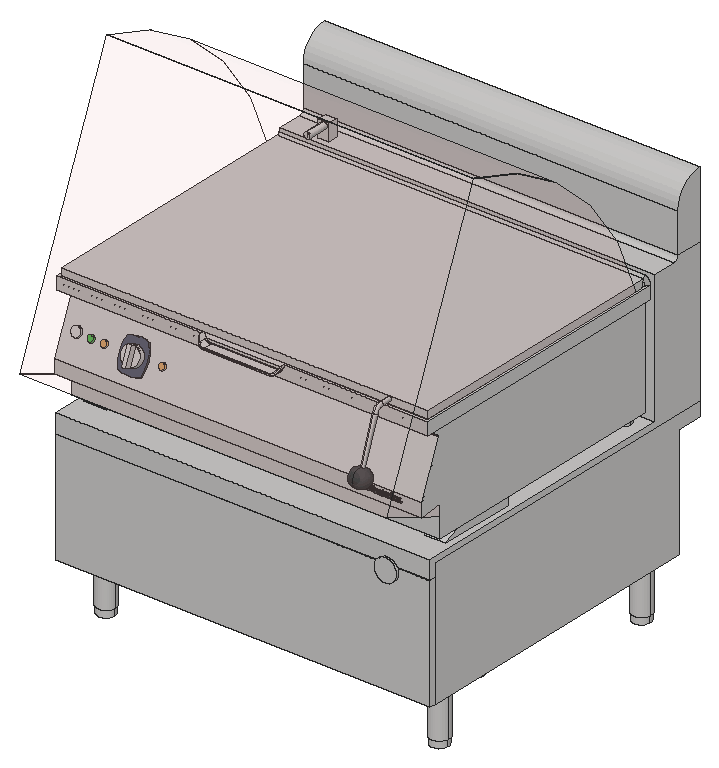
Revit family "QF_ELECTROLUXPROFESSIONAL_391428_E9PPCSBAMGD", category Specialty Equipment, Revit 2018
Family settings
  Round Connector Dimension = Use Diameter
  Part Type = Normal
  Work Plane-Based = No
  Always vertical = Yes
  Cut with Voids When Loaded = No
  Shared = No
  Room Calculation Point = No
Parameters (values of type "Standard")
  Weight = 180.00 kg
  Watts = 0 W
  Volts = 220 V
  URL Manufacturer = "http://professional.electrolux.com"
  URL = "http://professional.electrolux.com"
  Steam Supply Size = 0"
  Steam Supply Minimum Pressure = 0.00 psi
  Steam Supply Maximum Pressure = 0.00 psi
  Steam Pounds per Hour = 0
  Show Logo [instance] = yes
  Show Clearance [instance] = yes
  Refrigeration Suction Line Size = 0"
  Refrigeration Liquid Line Size = 0"
  Refrigerant Compressor Remote = yes
  Phase = 1
  Model = "E9PPCSBAMGD"
  Manufacturer = "Electrolux Professional"
  Length Actual = 1000 mm  # constant formula
  Item Number = "391428"
  Hot Water Size = 0"
  Height Actual = 850 mm  # constant formula
  HP = "0.1 HP"
  Gas Size = 1/2"
  Gas KW = 27
  Gas Input Pressure = 0.903445 Btu/h
  Direct Waste Size = 0"
  Description = "100LT GAS BRATT PAN DUOMAT BOTTOM AUT (AUS)"
  Depth Actual = 930 mm  # constant formula
  Cycle = 50 Hz
  Condensate Return Size = 0"
  Compressed Air Volume = 0 GPM
  Compressed Air Size = 0"
  Compressed Air Pressure = 0.00 psi
  Cold Water Size = 3/4"
  Assembly Code = ""
  Accessory = yes
Values of the unnamed type that differ from the named types
  Volts = 0 V
  URL Manufacturer = ""
  Item Number = ""
  Gas KW = 0
  Gas Input Pressure = 0.0 Btu/h
  Cycle = 0 Hz
Reference planes
  plane 1 "BACK": y = 0
  plane 2: z = 0
  plane 3 "LEFT": x = 0
  plane 4 "RIGHT": x = 1000
  plane 5 "FRONT": y = -915
  plane 6 "TOP": z = 898
  plane 7 "Center Y": x = 500
  plane 8 "Center X": y = -457.5
  plane 9 "Base": z = 149
  plane 10: z = 502.193
  plane 11: z = 1653
  plane 12: y = -125
  plane 13: y = -799
  plane 14: x = 55
  plane 15: y = -160.853
  plane 16: x = 945
  plane 17: y = -1014
  plane 18: y = -899.182
  plane 19: x = 986
  plane 20: z = 850
  plane 21 "Connection": z = 182
  plane 22: y = -706
  plane 23: x = 265
  plane 24: x = 105
  plane 25: x = 195
  plane 26: z = 1045
Forms (mm)
  Revolve 1, solid, material "QF_Finishes_Stainless Steel"
    sketch origin (0, -125, 0) x (1, 0, 0) y (0, 0, 1)
      loop
        line (55, 0) -> (55, 149) -> (29.6, 149) -> (29.6, 19.05) -> (32.1, 19.05) -> (32.1, 0) -> (55, 0)
      axis (55, 0) -> (55, 149)
    angle from 0 to 360
  Revolve 2, solid, material "QF_Finishes_Stainless Steel"
    sketch origin (0, -799, 0) x (1, 0, 0) y (0, 0, 1)
      loop
        line (55, 0) -> (55, 149) -> (29.6, 149) -> (29.6, 19.05) -> (32.1, 19.05) -> (32.1, 0) -> (55, 0)
      axis (55, 0) -> (55, 149)
    angle from 0 to 360
  Extrusion 3, solid, material "QF_Finishes_Stainless Steel"
    sketch origin (0, -214.682, 0) x (0, 1, 0) y (0, 0, 1)
      loop
        line (214.682, 487.193) -> (214.682, 866.248) -> (143.055, 866.248)
        arc (143.055, 866.248) -> (139.432, 857.502) -> (130.686, 853.88) r 12.368
        line (130.686, 853.88) -> (64.682, 853.88) -> (64.682, 502.193) -> (-684.5, 502.193) -> (-684.5, 452.193) -> (-669.5, 452.193) -> (-669.5, 487.193) -> (214.682, 487.193)
      loop
        line (-669.5, 149) -> (-669.5, 451.193) -> (-684.5, 451.193) -> (-684.5, 149) -> (-669.5, 149)
    from 0 to 1000
  Extrusion 4, solid, material "QF_Finishes_Stainless Steel"
    sketch origin (0, -214.682, 0) x (0, 1, 0) y (0, 0, 1)
      loop
        line (44.029, 528.406) -> (44.029, 817.127) -> (-678.5, 817.127) -> (-678.5, 809.681) -> (-643.264, 774.446) -> (-700.318, 641.094) -> (-700.318, 606.094) -> (-640.765, 613.406) -> (-640.765, 528.406) -> (44.029, 528.406)
    from 10 to 990
  Sweep 5, solid, material "QF_Finishes_Stainless Steel"
    path origin (0, -204.882, 145) x (-1, 0, 0) y (0, -1, 0)
      loop
        line (-389.998, 694.3) -> (-5, 694.3) -> (-5, -44.029) -> (-995, -44.029) -> (-995, 694.3) -> (-610.002, 694.3)
    profile origin (802.501, -899.182, 145) x (0, -1, 0) y (0, 0, 1)
      loop
        line (-5, 651.359) -> (0, 651.359) -> (0, 685.301) -> (-6, 685.301) -> (-6, 681.062) -> (-5, 681.062) -> (-5, 651.359)
  Extrusion 6, solid, material "QF_Finishes_Stainless Steel"
    sketch origin (0, -214.682, -5) x (0, 1, 0) y (0, 0, 1)
      loop
        line (33.715, 835.301) -> (42.572, 855) -> (-677.138, 855) -> (-677.138, 835.301) -> (33.715, 835.301)
      loop
        arc (64.305, 837.022) -> (57.071, 850.749) -> (45.92, 861.539) r 49.182
        line (45.92, 861.539) -> (39.069, 846.301) -> (45.904, 846.301) -> (45.904, 832.604) -> (64.305, 814.204) -> (64.305, 837.022)
    from 12.363 to 987.637
  Extrusion 7, solid, material "QF_Finishes_Stainless Steel"
    sketch origin (0, -214.682, 0) x (0, 1, 0) y (0, 0, 1)
      loop
        line (-403.818, 528.406) -> (-556.057, 528.406) -> (-609.801, 502.193) -> (-403.818, 502.193) -> (-403.818, 528.406)
    from 16.63 to 76.513
  Extrusion 8, solid, material "QF_Finishes_Stainless Steel"
    sketch origin (0, -207.182, 150) x (-1, 0, 0) y (0, -1, 0)
      loop
        circle (-953.429, -17.496) r 15
      loop
        circle (-46.571, -17.496) r 15
    from 352.193 to 378.406
  Extrusion 9, solid, material "QF_Finishes_Stainless Steel"
    sketch origin (0, -64.682, 0) x (0, 1, 0) y (0, 0, 1)
      loop
        line (-43.387, 853.88) -> (-43.387, 898) -> (-67.444, 898) -> (-67.444, 853.88) -> (-43.387, 853.88)
    from 87.469 to 116.843
  Revolve 10, solid, material "QF_Finishes_Stainless Steel"
    sketch origin (103.25, -64.682, 0) x (0, 1, 0) y (0, 0, 1)
      loop
        line (-67.444, 888.097) -> (-67.444, 896.222) -> (-123.629, 896.222) -> (-123.629, 888.097) -> (-67.444, 888.097)
      axis (-123.629, 888.097) -> (-67.444, 888.097)
    angle from 0 to 360
  Extrusion 11, solid, material "QF_Finishes_Stainless Steel"
    sketch origin (1000, 0, 0) x (0, 1, 0) y (0, 0, 1)
      loop
        line (-884.182, 149) -> (-69, 149) -> (-69, 448) -> (0, 448) -> (0, 487.193) -> (-884.182, 487.193) -> (-884.182, 149)
    from 0 to -1000
  Revolve 12, solid, material "QF_Finishes_Stainless Steel"
    sketch origin (1000, -125, 0) x (-1, 0, 0) y (0, 0, -1)
      loop
        line (55, 0) -> (32.1, 0) -> (32.1, -19.05) -> (29.6, -19.05) -> (29.6, -149) -> (55, -149) -> (55, 0)
      axis (55, 0) -> (55, -149)
    angle from 0 to 360
  Revolve 13, solid, material "QF_Finishes_Stainless Steel"
    sketch origin (1000, -799, 0) x (-1, 0, 0) y (0, 0, -1)
      loop
        line (55, 0) -> (32.1, 0) -> (32.1, -19.05) -> (29.6, -19.05) -> (29.6, -149) -> (55, -149) -> (55, 0)
      axis (55, 0) -> (55, -149)
    angle from 0 to 360
  Extrusion 14, solid, material "QF_Finishes_Stainless Steel"
    sketch origin (1000, -69, 149) x (-1, 0, 0) y (0, 1, 0)
      loop
        circle (14, -649.182) r 12.7
    from 0 to 5
  Extrusion 15, solid, material "QF_Finishes_Stainless Steel"
    sketch origin (-3.75, -899.182, 149) x (0, 0, 1) y (-1, 0, 0)
      loop
        circle (289.443, -888.75) r 30
    from 0 to 5
  Extrusion 16, solid, material "QF_Finishes_Stainless Steel"
    sketch origin (0, 0, 182) x (-1, 0, 0) y (0, -1, 0)
      loop
        circle (-105, 706) r 6.35
    from 0 to 45
  Extrusion 17, solid, material "QF_Finishes_Stainless Steel"
    sketch origin (21.213, 21.213, 182) x (-1, 0, 0) y (0, -1, 0)
      loop
        circle (-173.787, 719.213) r 6.35
    from 0 to 45
  Extrusion 18, solid, material "QF_Finishes_Stainless Steel"
    sketch origin (130, 0, 182) x (-1, 0, 0) y (0, -1, 0)
      loop
        circle (-135, 706) r 6.35
    from 0 to 45
  Extrusion 19, solid, material "QF_Finishes_Orange"
    sketch origin (9.372, -901.482, 672.689) x (0, 0.393353, 0.919387) y (-1, 0, 0)
      loop
        circle (34.513, -113.251) r 8
    from 0 to 3.175
  Extrusion 20, solid, material "QF_Finishes_Green"
    sketch origin (14.068, -901.51, 672.624) x (0, 0.393353, 0.919387) y (-1, 0, 0)
      loop
        circle (34.513, -73.251) r 8
    from 0 to 3.175
  Extrusion 21, solid, material "QF_Finishes_Stainless Steel"
    sketch origin (-159.296, -918.156, 641.79) x (0, 0.393353, 0.919387) y (-1, 0, 0)
      loop
        circle (68.826, -362.213) r 25.4
    from 0 to 12.7
  Extrusion 22, solid, material "QF_Finishes_Stainless Steel"
    sketch origin (-159.296, -929.832, 646.786) x (0, 0.393353, 0.919387) y (-1, 0, 0)
      loop
        arc (93.558, -367.999) -> (94.226, -362.213) -> (93.558, -356.427) r 25.4
        line (93.558, -356.427) -> (44.094, -356.427)
        arc (44.094, -356.427) -> (43.426, -362.213) -> (44.094, -367.999) r 25.4
        line (44.094, -367.999) -> (93.558, -367.999)
    from 0 to 12.7
  Extrusion 23, solid, material "QF_Finishes_Stainless Steel"
    sketch origin (-189.063, -915, 641.094) x (0, 0.393353, 0.919387) y (-1, 0, 0)
      loop
        circle (71.473, -236.635) r 12.7
    from 0 to 3.2
  Extrusion 24, solid, material "QF_Finishes_Orange"
    sketch origin (164.372, -901.482, 672.689) x (0, 0.393353, 0.919387) y (-1, 0, 0)
      loop
        circle (34.513, -113.251) r 8
    from 0 to 3.175
  Extrusion 25, solid, material "QF_Finishes_Stainless Steel"
    sketch origin (50, -201.682, -15.905) x (1, 0, 0) y (0, 0, 1)
      loop
        line (361.528, 822.127) -> (538.476, 822.127)
        arc (538.476, 822.127) -> (548.276, 824.753) -> (555.45, 831.927) r 19.6
        line (555.45, 831.927) -> (559.998, 839.805) -> (559.998, 846.205) -> (552.678, 833.527)
        arc (552.678, 833.527) -> (546.676, 827.524) -> (538.476, 825.327) r 16.4
        line (538.476, 825.327) -> (361.528, 825.327)
        arc (361.528, 825.327) -> (353.322, 827.526) -> (347.314, 833.534) r 16.413
        line (347.314, 833.534) -> (339.998, 846.205) -> (339.998, 839.805) -> (344.543, 831.934)
        arc (344.543, 831.934) -> (351.722, 824.755) -> (361.528, 822.127) r 19.613
    from 697.5 to 717.595
  Extrusion 26, void
    sketch origin (950, 188.397, 1219.2) x (0, -1, 0) y (0, 0, 1)
      loop
        line (1110.167, -415.736) -> (1110.167, -387.945) -> (1093.05, -387.945) -> (1110.167, -415.736)
    from 290.004 to 610
  Extrusion 27, solid, material "QF_Finishes_Stainless Steel"
    sketch origin (1000, -214.682, 0) x (0, 1, 0) y (0, 0, -1)
      loop
        line (-403.818, -528.406) -> (-403.818, -502.193) -> (-609.801, -502.193) -> (-556.057, -528.406) -> (-403.818, -528.406)
    from 16.63 to 76.513
  Sweep 28, solid, material "QF_Finishes_Stainless Steel"
    path origin (208.879, -214.682, -10) x (0, 1, 0) y (0, 0, 1)
      loop
        line (-677.138, 852.831) -> (-705.492, 852.831)
        arc (-705.492, 852.831) -> (-716.963, 849.214) -> (-724.286, 839.672) r 20
        line (-724.286, 839.672) -> (-765.322, 726.924)
    profile origin (208.879, -905.997, 842.831) x (0, 0, -1) y (1, 0, 0)
      loop
        circle (0, 676.16) r 5
  Revolve 29, solid, material "QF_Finishes_Black"
    sketch origin (884.991, -194.682, 0) x (0, 1, 0) y (0, 0, 1)
      loop
        line (-785.322, 716.924) -> (-792.738, 719.623)
        arc (-792.738, 719.623) -> (-818.978, 701.075) -> (-800.713, 674.638) r 22.845
        line (-800.713, 674.638) -> (-785.322, 716.924)
      axis (-785.322, 716.924) -> (-800.713, 674.638)
    angle from 0 to 360
  Extrusion 30, solid, material "QF_Clearances", visible <- "Show Clearance", detail levels coarse
    sketch origin (200, -996.643, 709.193) x (0, 0.238373, -0.971174) y (0, 0.971174, 0.238373)
      loop
        line (33.715, 835.301) -> (42.572, 855) -> (-677.138, 855) -> (-677.138, 835.301) -> (33.715, 835.301)
      loop
        arc (64.305, 837.022) -> (57.071, 850.749) -> (45.92, 861.539) r 49.182
        line (45.92, 861.539) -> (39.069, 846.301) -> (45.904, 846.301) -> (45.904, 832.604) -> (64.305, 814.204) -> (64.305, 837.022)
    from -187.637 to 787.637
  Sweep 31, solid, material "QF_Clearances", visible <- "Show Clearance", detail levels coarse
    path origin (208.84, -1001.499, 708.002) x (0, 0.238373, -0.971174) y (0, 0.971174, 0.238373)
      loop
        line (-677.138, 852.831) -> (-705.492, 852.831)
        arc (-705.492, 852.831) -> (-716.963, 849.214) -> (-724.286, 839.672) r 20
        line (-724.286, 839.672) -> (-765.322, 726.924)
    profile origin (208.84, -338.043, 1582.68) x (0, -0.971174, -0.238373) y (1, 0, 0)
      loop
        circle (0, 676.16) r 5
  Revolve 32, solid, material "QF_Clearances", visible <- "Show Clearance", detail levels coarse
    sketch origin (885, -987.02, 690.962) x (0, 0.238373, -0.971174) y (0, 0.971174, 0.238373)
      loop
        line (-785.322, 716.924) -> (-792.738, 719.623)
        arc (-792.738, 719.623) -> (-818.978, 701.075) -> (-800.713, 674.638) r 22.845
        line (-800.713, 674.638) -> (-785.322, 716.924)
      axis (-785.322, 716.924) -> (-800.713, 674.638)
    angle from 0 to 360
  Extrusion 33, solid, material "QF_Finishes_Navy Blue"
    sketch origin (-55.546, -1052.067, 320.727) x (0, 0.393353, 0.919387) y (-1, 0, 0)
      loop
        arc (453.989, -230.321) -> (416.907, -221.34) -> (379.375, -228.202) r 91.844
        arc (379.375, -228.202) -> (372.249, -258.844) -> (379.375, -289.487) r 69.441
        arc (379.375, -289.487) -> (416.897, -296.198) -> (453.989, -287.419) r 93.759
        arc (453.989, -287.419) -> (460.218, -258.87) -> (453.989, -230.321) r 68.543
    from 0 to 3.175
  Extrusion 34, solid, material "QF_Finishes_Navy Blue", visible <- "Show Logo"
    sketch origin (681.175, -915, 608.853) x (0, 0, 1) y (-1, 0, 0)
      loop
        line (27.359, -159.055) -> (14.993, -159.055)
        arc (14.993, -159.055) -> (21.176, -163.626) -> (27.359, -159.055) r 6.467
      loop
        arc (27.359, -158.426) -> (26.19, -153.283) -> (21.534, -150.805) r 6.338
        line (21.534, -150.805) -> (21.534, -152.851)
        arc (21.534, -152.851) -> (23.018, -156.506) -> (26.464, -158.426) r 5.941
        line (26.464, -158.426) -> (27.359, -158.426)
      loop
        arc (15.888, -158.426) -> (19.334, -156.506) -> (20.817, -152.851) r 5.941
        line (20.817, -152.851) -> (20.817, -150.805)
        arc (20.817, -150.805) -> (16.123, -153.279) -> (14.834, -158.426) r 6.504
        line (14.834, -158.426) -> (15.888, -158.426)
      loop
        line (28.034, -150.336) -> (14.29, -150.336) -> (14.29, -164.099) -> (28.034, -164.099) -> (28.034, -150.336)
      loop
        arc (28.118, -167.066) -> (27.77, -166.709) -> (27.403, -167.047) r 0.358
        arc (27.403, -167.047) -> (27.089, -167.797) -> (26.372, -168.182) r 1.216
        line (26.372, -168.182) -> (15.959, -168.182)
        arc (15.959, -168.182) -> (15.299, -167.904) -> (14.903, -167.308) r 1.238
        arc (14.903, -167.308) -> (14.509, -167.057) -> (14.203, -167.411) r 0.358
        line (14.203, -167.411) -> (14.203, -177.29) -> (16.954, -177.29) -> (16.954, -176.393)
        arc (16.954, -176.393) -> (16.045, -175.813) -> (15.589, -174.836) r 1.928
        line (15.589, -174.836) -> (15.589, -172.337)
        arc (15.589, -172.337) -> (15.865, -171.608) -> (16.553, -171.244) r 1.101
        line (16.553, -171.244) -> (20.64, -171.244) -> (20.64, -174.917)
        arc (20.64, -174.917) -> (20.287, -175.414) -> (19.722, -175.642) r 1.083
        arc (19.722, -175.642) -> (19.459, -175.948) -> (19.751, -176.226) r 0.292
        line (19.751, -176.226) -> (22.713, -176.226)
        arc (22.713, -176.226) -> (23.016, -175.953) -> (22.777, -175.623) r 0.305
        arc (22.777, -175.623) -> (22.286, -175.375) -> (21.981, -174.917) r 1.083
        line (21.981, -174.917) -> (21.981, -171.244) -> (26.659, -171.244) -> (26.659, -174.991)
        arc (26.659, -174.991) -> (26.444, -175.747) -> (25.838, -176.245) r 1.314
        arc (25.838, -176.245) -> (25.619, -176.649) -> (25.973, -176.941) r 0.361
        line (25.973, -176.941) -> (28.118, -176.941) -> (28.118, -167.066)
      loop
        arc (27.4, -177.722) -> (27.02, -178.641) -> (26.101, -179.021) r 1.299
        line (26.101, -179.021) -> (16.522, -179.021)
        arc (16.522, -179.021) -> (15.684, -178.643) -> (15.413, -177.765) r 1.118
        line (15.413, -177.765) -> (14.203, -177.765) -> (14.203, -183.115) -> (15.391, -183.115)
        arc (15.391, -183.115) -> (15.663, -182.198) -> (16.533, -181.802) r 1.153
        line (16.533, -181.802) -> (28.605, -181.802) -> (27.4, -177.722)
      loop
        line (19.168, -185.751) -> (19.168, -192.198) -> (19.967, -192.198)
        arc (19.967, -192.198) -> (22.547, -191.214) -> (23.816, -188.76) r 3.874
        line (23.816, -188.76) -> (23.816, -187)
        arc (23.816, -187) -> (22.629, -184.135) -> (19.765, -182.949) r 4.051
        line (19.765, -182.949) -> (17.757, -182.949)
        arc (17.757, -182.949) -> (14.938, -184.434) -> (13.887, -187.441) r 4.352
        arc (13.887, -187.441) -> (14.251, -189.904) -> (15.629, -191.978) r 5.713
        line (15.629, -191.978) -> (16.578, -191.978)
        arc (16.578, -191.978) -> (15.845, -190.409) -> (15.629, -188.691) r 5.579
        arc (15.629, -188.691) -> (16.422, -186.728) -> (18.301, -185.751) r 3.057
        line (18.301, -185.751) -> (19.168, -185.751)
      loop
        line (20.427, -185.751) -> (20.427, -189.333)
        arc (20.427, -189.333) -> (21.884, -189.38) -> (22.767, -188.221) r 1.59
        line (22.767, -188.221) -> (22.767, -187.391)
        arc (22.767, -187.391) -> (21.902, -186.136) -> (20.427, -185.751) r 2.184
      loop
        arc (23.218, -201.616) -> (23.707, -199.942) -> (23.864, -198.205) r 9.023
        line (23.864, -198.205) -> (23.864, -196.843)
        arc (23.864, -196.843) -> (22.705, -194.043) -> (19.905, -192.883) r 3.959
        line (19.905, -192.883) -> (17.305, -192.883)
        arc (17.305, -192.883) -> (15.023, -194.176) -> (13.906, -196.549) r 4.331
        line (13.906, -196.549) -> (13.906, -198.684)
        arc (13.906, -198.684) -> (14.414, -200.234) -> (15.336, -201.58) r 5.772
        arc (15.336, -201.58) -> (16.098, -201.631) -> (16.184, -200.872) r 0.553
        arc (16.184, -200.872) -> (15.796, -200.138) -> (15.662, -199.319) r 2.573
        line (15.662, -199.319) -> (15.662, -197.804)
        arc (15.662, -197.804) -> (16.668, -196.162) -> (18.483, -195.52) r 2.884
        line (18.483, -195.52) -> (19.762, -195.52)
        arc (19.762, -195.52) -> (21.583, -196.08) -> (22.509, -197.745) r 2.554
        line (22.509, -197.745) -> (22.509, -198.798)
        arc (22.509, -198.798) -> (22.178, -199.726) -> (21.521, -200.461) r 2.564
        arc (21.521, -200.461) -> (21.299, -201.178) -> (21.909, -201.616) r 0.643
        line (21.909, -201.616) -> (23.218, -201.616)
      loop
        line (22.2, -201.886) -> (22.2, -203.387) -> (16.152, -203.387)
        arc (16.152, -203.387) -> (14.564, -204.045) -> (13.906, -205.633) r 2.246
        line (13.906, -205.633) -> (13.906, -207.217)
        arc (13.906, -207.217) -> (14.22, -208.081) -> (14.72, -208.853) r 4.06
        arc (14.72, -208.853) -> (15.453, -208.986) -> (15.704, -208.285) r 0.576
        arc (15.704, -208.285) -> (15.598, -207.759) -> (15.662, -207.227) r 1.69
        arc (15.662, -207.227) -> (16.204, -206.439) -> (17.11, -206.136) r 1.506
        line (17.11, -206.136) -> (22.248, -206.136) -> (22.248, -208.533) -> (22.805, -209.089) -> (23.626, -209.089) -> (23.626, -206.23) -> (26.857, -206.23) -> (22.2, -201.886)
      loop
        line (14.124, -209.987) -> (14.124, -215.374) -> (15.234, -215.374)
        arc (15.234, -215.374) -> (15.627, -214.423) -> (16.578, -214.029) r 1.345
        line (16.578, -214.029) -> (20.195, -214.029)
        arc (20.195, -214.029) -> (20.959, -214.621) -> (21.249, -215.543) r 1.615
        line (21.249, -215.543) -> (21.249, -217.099) -> (23.805, -217.784) -> (23.805, -216.401) -> (21.862, -213.842) -> (23.742, -213.842) -> (23.458, -211.136)
        arc (23.458, -211.136) -> (23.018, -210.606) -> (22.359, -210.807) r 0.621
        arc (22.359, -210.807) -> (21.959, -211.149) -> (21.465, -211.332) r 1.501
        line (21.465, -211.332) -> (16.578, -211.332)
        arc (16.578, -211.332) -> (15.627, -210.938) -> (15.234, -209.987) r 1.345
        line (15.234, -209.987) -> (14.124, -209.987)
      loop
        line (20.225, -217.321) -> (17.533, -217.321)
        arc (17.533, -217.321) -> (15.088, -218.629) -> (13.954, -221.159) r 4.288
        arc (13.954, -221.159) -> (13.89, -222.54) -> (13.954, -223.92) r 15.022
        arc (13.954, -223.92) -> (15.088, -226.451) -> (17.533, -227.758) r 4.288
        line (17.533, -227.758) -> (20.225, -227.758)
        arc (20.225, -227.758) -> (22.671, -226.451) -> (23.805, -223.92) r 4.288
        arc (23.805, -223.92) -> (23.868, -222.54) -> (23.805, -221.159) r 15.022
        arc (23.805, -221.159) -> (22.671, -218.629) -> (20.225, -217.321) r 4.288
      loop
        line (20.43, -220.435) -> (17.328, -220.435)
        arc (17.328, -220.435) -> (15.171, -222.592) -> (17.328, -224.749) r 2.157
        line (17.328, -224.749) -> (20.43, -224.749)
        arc (20.43, -224.749) -> (22.587, -222.592) -> (20.43, -220.435) r 2.157
      loop
        arc (27.411, -227.616) -> (27.041, -228.51) -> (26.147, -228.881) r 1.264
        line (26.147, -228.881) -> (16.282, -228.881)
        arc (16.282, -228.881) -> (15.412, -228.484) -> (15.141, -227.568) r 1.153
        line (15.141, -227.568) -> (14.203, -227.568) -> (14.203, -232.676) -> (15.131, -232.676)
        arc (15.131, -232.676) -> (15.49, -231.904) -> (16.282, -231.589) r 1.153
        line (16.282, -231.589) -> (28.605, -231.589) -> (27.411, -227.616)
      loop
        arc (22.531, -232.213) -> (22.332, -233.278) -> (21.363, -233.76) r 1.215
        line (21.363, -233.76) -> (16.343, -233.76)
        arc (16.343, -233.76) -> (14.728, -234.407) -> (14.008, -235.99) r 2.338
        line (14.008, -235.99) -> (14.008, -237.505)
        arc (14.008, -237.505) -> (14.182, -238.509) -> (14.684, -239.395) r 2.979
        line (14.684, -239.395) -> (14.203, -241.192) -> (14.203, -242.88) -> (23.629, -242.88) -> (23.335, -238.677) -> (22.548, -238.677)
        arc (22.548, -238.677) -> (22.192, -239.513) -> (21.44, -240.022) r 1.605
        line (21.44, -240.022) -> (16.337, -240.022)
        arc (16.337, -240.022) -> (15.917, -239.085) -> (15.844, -238.061) r 2.94
        arc (15.844, -238.061) -> (16.405, -236.96) -> (17.558, -236.517) r 1.724
        line (17.558, -236.517) -> (23.755, -236.517) -> (22.531, -232.213)
      loop
        line (23.559, -243.734) -> (21.887, -245.78) -> (18.713, -248.086) -> (15.257, -244.974)
        arc (15.257, -244.974) -> (15.02, -244.58) -> (15.042, -244.121) r 0.789
        line (15.042, -244.121) -> (14.203, -244.121) -> (14.203, -247.666) -> (15.029, -247.666)
        arc (15.029, -247.666) -> (15.372, -247.304) -> (15.862, -247.396) r 0.52
        line (15.862, -247.396) -> (17.661, -248.867) -> (15.543, -250.242)
        arc (15.543, -250.242) -> (15.142, -249.932) -> (15.055, -249.433) r 0.7
        line (15.055, -249.433) -> (14.203, -249.433) -> (14.203, -255.36) -> (15.09, -255.36)
        arc (15.09, -255.36) -> (15.157, -254.701) -> (15.552, -254.17) r 1.247
        line (15.552, -254.17) -> (19.751, -250.889) -> (22.198, -252.942) -> (23.559, -254.684) -> (23.559, -250.96) -> (22.074, -251.383) -> (20.553, -250.106) -> (22.253, -248.916) -> (23.559, -249.692) -> (23.559, -243.734)
    from 0 to 1.644
  Extrusion 35, solid, material "QF_Finishes_Stainless Steel"
    sketch origin (390.002, -899.182, 830.301) x (-1, 0, 0) y (0, 0, -1)
      loop
        line (0.004, 33.941) -> (-220, 33.941) -> (-220, -0.006) -> (-212.677, 12.678)
        arc (-212.677, 12.678) -> (-206.674, 18.681) -> (-198.474, 20.878) r 16.4
        line (-198.474, 20.878) -> (-21.526, 20.878)
        arc (-21.526, 20.878) -> (-13.32, 18.679) -> (-7.312, 12.672) r 16.413
        line (-7.312, 12.672) -> (0.004, 0) -> (0.004, 33.941)
    from 0 to -6
  Extrusion 36, solid, material "QF_Finishes_Stainless Steel"
    sketch origin (0, -214.682, 0) x (0, -1, 0) y (0, 0, 1)
      loop
        line (-214.682, 866.248) -> (-143.055, 866.248) -> (-143.055, 973.372)
        arc (-143.055, 973.372) -> (-164.034, 1024.021) -> (-214.682, 1045) r 71.628
        line (-214.682, 1045) -> (-214.682, 866.248)
    from 0 to -1000
  Extrusion 37, solid, material "QF_Clearances", visible <- "Show Clearance"
    sketch origin (10, -214.682, 0) x (0, -1, 0) y (0, 0, 1)
      loop
        line (-44.029, 528.406) -> (520.318, 528.406) -> (815.357, 652.309) -> (527.148, 1338.595)
        arc (527.148, 1338.595) -> (87.53, 1042.09) -> (-44.029, 528.406) r 745.994
    from 0 to -980
Cuts and joins
  Extrusion 26 cuts Extrusion 25
  joined: Sweep 5, Extrusion 25, Extrusion 35
Lines and regions (mm)
  symbolic lines
    curve 1: line (10, -915, 149) -> (197.131, -915, 149)
    curve 2: line (0, -899.182, 149) -> (380.622, -899.182, 149)
    curve 3: line (5, -160.853, 149) -> (5, -899.182, 149)
    curve 4: line (0, 0, 149) -> (0, -899.182, 149)
    curve 5: line (1000, -899.182, 149) -> (1000, 0, 149)
    curve 6: line (5, -160.853, 149) -> (95.125, -160.853, 149)
    curve 7: line (989, -171.653, 149) -> (111.375, -171.653, 149)
    curve 8: line (0, -71.628, 149) -> (1000, -71.628, 149)
    curve 9: line (111.375, -160.853, 149) -> (995, -160.853, 149)
    curve 10: line (95.125, -172.111, 149) -> (12.363, -172.111, 149)
    curve 11: line (90.942, -172.111, 149) -> (90.942, -192.672, 149)
    curve 12: line (117.192, -171.653, 149) -> (117.192, -192.672, 149)
    curve 13: arc (90.942, -192.672, 149) -> (104.067, -205.797, 149) -> (117.192, -192.672, 149) r 13.125
    curve 14: line (604.543, -915, 149) -> (880, -915, 149)
    curve 15: line (12.363, -891.82, 149) -> (987.637, -891.82, 149)
    curve 16: line (0, 0, 149) -> (1000, 0, 149)
    curve 17: line (880, -980.005, 149) -> (880, -891.82, 149)
    curve 18: line (890, -980.005, 149) -> (890, -891.82, 149)
    curve 19: spline (885, -987.42, 149) -> (886.603, -987.265, 149) -> (888.14, -986.808, 149) -> (889.545, -986.066, 149) -> (890.761, -985.072, 149) -> (891.737, -983.866, 149) -> (892.431, -982.499, 149) -> (892.815, -981.028, 149) -> (892.874, -979.515, 149) -> (892.604, -978.022, 149) -> (892.016, -976.611, 149) -> (891.136, -975.342, 149) -> (890, -974.268, 149)
    curve 20: spline (890, -980.005, 149) -> (889.957, -980.618, 149) -> (889.83, -981.221, 149) -> (889.619, -981.803, 149) -> (889.33, -982.354, 149) -> (888.967, -982.865, 149) -> (888.536, -983.327, 149) -> (888.044, -983.732, 149) -> (887.5, -984.074, 149) -> (886.913, -984.345, 149) -> (886.294, -984.543, 149) -> (885.653, -984.663, 149) -> (885, -984.703, 149)
    curve 21: spline (885, -984.703, 149) -> (884.347, -984.663, 149) -> (883.706, -984.543, 149) -> (883.087, -984.345, 149) -> (882.5, -984.074, 149) -> (881.956, -983.732, 149) -> (881.464, -983.327, 149) -> (881.033, -982.865, 149) -> (880.67, -982.354, 149) -> (880.381, -981.803, 149) -> (880.17, -981.221, 149) -> (880.043, -980.618, 149) -> (880, -980.005, 149)
    curve 22: spline (880, -974.268, 149) -> (878.864, -975.342, 149) -> (877.984, -976.611, 149) -> (877.396, -978.022, 149) -> (877.126, -979.515, 149) -> (877.185, -981.028, 149) -> (877.569, -982.499, 149) -> (878.263, -983.866, 149) -> (879.239, -985.072, 149) -> (880.455, -986.066, 149) -> (881.86, -986.808, 149) -> (883.397, -987.265, 149) -> (885, -987.42, 149)
    curve 23: line (95.125, -188.311, 149) -> (111.375, -188.311, 149)
    curve 24: line (95.125, -132.127, 149) -> (95.125, -188.311, 149)
    curve 25: line (111.375, -188.311, 149) -> (111.375, -132.127, 149)
    curve 26: line (87.469, -132.127, 149) -> (116.843, -132.127, 149)
    curve 27: line (87.469, -108.069, 149) -> (87.469, -132.127, 149)
    curve 28: line (116.843, -108.069, 149) -> (87.469, -108.069, 149)
    curve 29: line (116.843, -132.127, 149) -> (116.843, -108.069, 149)
    curve 30: line (0, -150, 182) -> (95.125, -150, 182)
    curve 31: line (1000, -150, 182) -> (111.375, -150, 182)
    curve 32: line (12.363, -891.82, 149) -> (12.363, -172.111, 149)
    curve 33: line (987.637, -891.82, 149) -> (987.637, -171.653, 149)
    curve 34: line (990, -915, 182) -> (990, -899.182, 182)
    curve 35: line (10, -899.182, 182) -> (10, -915, 182)
    curve 36: line (995, -160.853, 149) -> (995, -899.182, 149)
    curve 37: line (197.131, -924.708, 149) -> (197.131, -899.182, 149)
    curve 38: line (208.703, -924.708, 149) -> (208.703, -899.182, 149)
    curve 39: line (197.131, -924.708, 149) -> (208.703, -924.708, 149)
    curve 40: line (197.131, -915.021, 149) -> (180.061, -915.021, 149)
    curve 41: line (197.131, -915.021, 149) -> (25.774, -915.021, 149)
    curve 42: spline (208.703, -912.487, 182) -> (212.151, -912.066, 182) -> (215.413, -911.457, 182) -> (218.422, -910.673, 182) -> (221.118, -909.728, 182) -> (223.446, -908.643, 182) -> (225.359, -907.438, 182) -> (226.819, -906.14, 182) -> (227.796, -904.772, 182) -> (228.27, -903.365, 182) -> (228.233, -901.945, 182) -> (227.683, -900.541, 182) -> (226.634, -899.182, 182)
    curve 43: spline (225.812, -907.085, 182) -> (226.505, -906.99, 182) -> (227.196, -906.892, 182) -> (227.884, -906.792, 182) -> (228.569, -906.688, 182) -> (229.251, -906.581, 182) -> (229.93, -906.472, 182) -> (230.606, -906.36, 182) -> (231.28, -906.245, 182) -> (231.95, -906.127, 182) -> (232.617, -906.007, 182) -> (233.28, -905.884, 182) -> (233.941, -905.758, 182)
    curve 44: spline (233.941, -905.758, 182) -> (234.472, -905.225, 182) -> (234.983, -904.689, 182) -> (235.472, -904.15, 182) -> (235.94, -903.608, 182) -> (236.386, -903.063, 182) -> (236.811, -902.515, 182) -> (237.215, -901.965, 182) -> (237.596, -901.413, 182) -> (237.956, -900.858, 182) -> (238.294, -900.302, 182) -> (238.609, -899.743, 182) -> (238.903, -899.182, 182)
    curve 45: spline (197.131, -912.487, 182) -> (193.683, -912.066, 182) -> (190.421, -911.457, 182) -> (187.412, -910.673, 182) -> (184.717, -909.728, 182) -> (182.389, -908.643, 182) -> (180.475, -907.438, 182) -> (179.015, -906.14, 182) -> (178.038, -904.772, 182) -> (177.564, -903.365, 182) -> (177.602, -901.945, 182) -> (178.151, -900.541, 182) -> (179.201, -899.182, 182)
    curve 46: spline (167.58, -899.182, 182) -> (167.88, -899.743, 182) -> (168.203, -900.303, 182) -> (168.549, -900.86, 182) -> (168.917, -901.415, 182) -> (169.307, -901.967, 182) -> (169.72, -902.517, 182) -> (170.154, -903.065, 182) -> (170.611, -903.61, 182) -> (171.09, -904.151, 182) -> (171.59, -904.69, 182) -> (172.112, -905.225, 182) -> (172.656, -905.758, 182)
    curve 47: spline (172.656, -905.758, 182) -> (173.244, -905.87, 182) -> (173.834, -905.98, 182) -> (174.427, -906.088, 182) -> (175.022, -906.194, 182) -> (175.62, -906.297, 182) -> (176.22, -906.398, 182) -> (176.823, -906.498, 182) -> (177.428, -906.594, 182) -> (178.036, -906.689, 182) -> (178.645, -906.781, 182) -> (179.257, -906.871, 182) -> (179.871, -906.959, 182)
    curve 48: line (208.703, -915, 149) -> (395.45, -915, 149)
    curve 49: line (619.371, -899.182, 149) -> (880, -899.182, 149)
    curve 50: line (890, -899.182, 149) -> (1000, -899.182, 149)
    curve 51: line (890, -915, 149) -> (990, -915, 149)
    curve 52: arc (880, -961.394, 182) -> (884.914, -1014.03, 182) -> (890, -961.41, 182) r 26.552
    curve 53: line (619.371, -899.182, 182) -> (605.448, -914.035, 182)
    curve 54: spline (605.442, -914.033, 182) -> (604.902, -914.595, 182) -> (604.301, -915.14, 182) -> (603.641, -915.666, 182) -> (602.924, -916.17, 182) -> (602.153, -916.653, 182) -> (601.331, -917.111, 182) -> (600.459, -917.544, 182) -> (599.542, -917.95, 182) -> (598.582, -918.327, 182) -> (597.581, -918.675, 182) -> (596.544, -918.992, 182) -> (595.475, -919.277, 182)
    curve 55: line (404.523, -919.277, 182) -> (595.475, -919.277, 182)
    curve 56: line (394.541, -914.031, 182) -> (380.622, -899.182, 182)
    curve 57: spline (404.523, -919.277, 182) -> (403.452, -918.992, 182) -> (402.414, -918.675, 182) -> (401.413, -918.327, 182) -> (400.452, -917.949, 182) -> (399.534, -917.543, 182) -> (398.662, -917.11, 182) -> (397.838, -916.651, 182) -> (397.067, -916.168, 182) -> (396.35, -915.663, 182) -> (395.689, -915.137, 182) -> (395.087, -914.592, 182) -> (394.547, -914.029, 182)
Dimensions and locks
  equal spacing: plane 3 "LEFT", plane 7 "Center Y", plane 4 "RIGHT"
  plane 3 "LEFT" to plane 4 "RIGHT" = 1000 mm
  equal spacing: plane 5 "FRONT", plane 8 "Center X", plane 1 "BACK"
  plane 5 "FRONT" to plane 1 "BACK" = 915 mm  (x2)
  plane 20 to level = 850 mm
  plane 9 "Base" to level = 149 mm
  plane 11 to level = 1653 mm
  plane 11 to plane 2 = 1653 mm
  plane 9 "Base" to plane 2 = 149 mm
  plane 13 to plane 12 = 674 mm
  plane 6 "TOP" to plane 2 = 898 mm
  plane 4 "RIGHT" to plane 16 to plane 14 to plane 3 "LEFT" = 55 mm, 890 mm, 55 mm
  plane 1 "BACK" to plane 17 = 1014 mm
  Extrusion 11 to plane 1 "BACK" = 69 mm
  Extrusion 6 to plane 9 "Base" = 701 mm  (x2)
  plane 2 to Extrusion 11 = 448 mm
  Extrusion 3 to plane 13 = 100.182 mm
  plane 12 to Extrusion 11 = 56 mm
  plane 4 "RIGHT" to plane 19 = 14 mm
  plane 20 to plane 9 "Base" to level = 701 mm, 149 mm
  plane 1 "BACK" to Extrusion 11 = 69 mm
  Extrusion 11 to plane 12 = 56 mm
  plane 12 to plane 13 = 674 mm
  plane 13 to Extrusion 3 = 100.182 mm
  Extrusion 11 to level = 448 mm
  plane 6 "TOP" to level = 898 mm
  plane 21 "Connection" to level = 182 mm
  plane 1 "BACK" to plane 22 = 706 mm
  plane 3 "LEFT" to Extrusion 16 sketch curve = 105 mm
  Extrusion 17 sketch curve to plane 1 "BACK" = 698 mm
  plane 3 "LEFT" to Extrusion 17 sketch curve = 195 mm
  Extrusion 17 to plane 1 "BACK" = 698 mm
  plane 3 "LEFT" to Extrusion 18 sketch curve = 265 mm
  plane 3 "LEFT" to plane 24 = 105 mm
  plane 3 "LEFT" to plane 25 = 195 mm
  plane 3 "LEFT" to plane 23 = 265 mm
  Extrusion 3 to Extrusion 14 = 181 mm
  Extrusion 14 to Extrusion 3 = 181 mm
  plane 26 to level = 1045 mm
  aligned and locked: level to plane 2
  aligned and locked: Extrusion 11 to plane 3 "LEFT"
Automatic sketch dimensions
  curve 8 to plane 4 "RIGHT" = 0 mm
  plane 5 "FRONT" to curve 51 = 0 mm
  plane 5 "FRONT" to curve 14 = 0 mm
  plane 5 "FRONT" to curve 48 = 0 mm
  plane 5 "FRONT" to curve 1 = 0 mm
  curve 4 to plane 3 "LEFT" = 0 mm
  plane 1 "BACK" to curve 16 = 0 mm
  curve 36 to plane 4 "RIGHT" = 5 mm
  plane 19 to curve 51 = 4 mm
  plane 19 to curve 7 = 3 mm
  curve 7 to curve 33 = 1.363 mm
  plane 16 to curve 22 = 52.109 mm
  curve 19 to curve 22 = 0 mm
  curve 19 to curve 21 = 2.891 mm
  curve 50 to plane 5 "FRONT" = 15.818 mm
  plane 16 to curve 50 = 55 mm
  curve 21 to curve 19 = 5 mm
  curve 20 to curve 22 = 0 mm
  curve 48 to plane 23 = 130.45 mm
  curve 2 to plane 23 = 115.622 mm
  curve 38 to plane 25 = 13.703 mm
  curve 1 to plane 25 = 2.131 mm
  plane 5 "FRONT" to curve 40 = 0.021 mm
  plane 25 to curve 40 = 14.939 mm
  curve 13 to plane 24 = 12.192 mm
  curve 26 to plane 24 = 11.843 mm
  curve 23 to plane 24 = 6.375 mm
  plane 24 to curve 13 = 0.933 mm
  curve 10 to curve 11 = 4.184 mm
  plane 24 to curve 28 = 17.531 mm
  plane 5 "FRONT" to curve 41 = 0.021 mm
  plane 3 "LEFT" to curve 41 = 25.774 mm
  plane 3 "LEFT" to curve 32 = 12.363 mm
  plane 3 "LEFT" to curve 1 = 10 mm
  plane 3 "LEFT" to curve 3 = 5 mm
  plane 12 to curve 8 = 53.372 mm
  plane 12 to curve 28 = 16.931 mm
  curve 26 to plane 12 = 7.127 mm
  curve 9 to plane 12 = 35.853 mm
  curve 6 to curve 9 = 0 mm
  curve 9 to curve 12 = 10.8 mm
  curve 3 to curve 32 = 11.257 mm
  curve 10 to curve 24 = 16.201 mm
  curve 23 to curve 13 = 4.36 mm
  curve 15 to curve 36 = 7.363 mm
  curve 15 to curve 2 = 7.363 mm
  curve 17 to curve 49 = 7.363 mm
  curve 41 to curve 39 = 9.687 mm
  plane 17 to curve 19 = 39.732 mm
  curve 22 to curve 19 = 0 mm
  curve 19 to curve 20 = 5.737 mm
  curve 17 to curve 20 = 0 mm
  curve 22 to curve 20 = 0 mm
  curve 20 to curve 22 = 2.717 mm
  Revolve 1 sketch curve to plane 9 "Base" = 0 mm  (x2)
  Revolve 1 sketch curve to level = 0 mm
  Revolve 1 sketch curve to plane 14 = 0 mm  (x2)
  Revolve 1 sketch curve to Revolve 1 sketch curve = 22.9 mm
  Revolve 1 sketch curve to Revolve 1 sketch curve = 2.5 mm
  level to Revolve 1 sketch curve = 19.05 mm
  Revolve 1 sketch curve to plane 21 "Connection" = 13 mm
  Revolve 2 sketch curve to plane 9 "Base" = 0 mm  (x2)
  Revolve 2 sketch curve to level = 0 mm
  Revolve 2 sketch curve to plane 14 = 0 mm  (x2)
  Revolve 2 sketch curve to Revolve 2 sketch curve = 22.9 mm
  Revolve 2 sketch curve to Revolve 2 sketch curve = 2.5 mm
  level to Revolve 2 sketch curve = 19.05 mm
  Revolve 2 sketch curve to plane 21 "Connection" = 13 mm
  Extrusion 3 sketch curve to plane 10 = 0 mm
  Extrusion 3 sketch curve to plane 9 "Base" = 0 mm
  Extrusion 3 sketch curve to plane 1 "BACK" = 0 mm
  plane 20 to Extrusion 3 sketch curve = 16.248 mm
  plane 12 to Extrusion 3 sketch curve = 53.372 mm
  Extrusion 3 sketch curve to Extrusion 3 sketch curve = 12.368 mm
  Extrusion 3 sketch curve to plane 12 = 25 mm
  Extrusion 3 sketch curve to plane 5 "FRONT" = 30.818 mm  (x2)
  Extrusion 3 sketch curve to plane 10 = 15 mm
  Extrusion 3 sketch curve to Extrusion 3 sketch curve = 15 mm
  Extrusion 3 sketch curve to plane 5 "FRONT" = 15.818 mm
  Extrusion 3 sketch curve to Extrusion 3 sketch curve = 36 mm
  Extrusion 3 sketch curve to Extrusion 3 sketch curve = 1 mm
  Extrusion 4 sketch curve to plane 5 "FRONT" = 0 mm
  Extrusion 4 sketch curve to plane 5 "FRONT" = 21.818 mm
  Extrusion 4 sketch curve to Extrusion 4 sketch curve = 35.236 mm
  plane 10 to Extrusion 4 sketch curve = 26.213 mm
  Extrusion 4 sketch curve to plane 13 = 56.447 mm
  Extrusion 4 sketch curve to plane 12 = 45.653 mm
  Extrusion 4 sketch curve to Extrusion 4 sketch curve = 77.688 mm
  Extrusion 4 sketch curve to Extrusion 4 sketch curve = 7.312 mm
  Extrusion 4 sketch curve to Extrusion 4 sketch curve = 35 mm
  Extrusion 4 sketch curve to plane 20 = 75.554 mm
  Extrusion 4 sketch curve to plane 20 = 40.319 mm
  Extrusion 4 sketch curve to plane 20 = 32.873 mm
  Sweep 5 sketch curve to profile plane = 0 mm
  profile plane to Sweep 5 sketch curve = 5 mm
  Sweep 5 sketch curve to Sweep 5 sketch curve = 1 mm
  profile plane to Sweep 5 sketch curve = 651.359 mm
  Sweep 5 sketch curve to Sweep 5 sketch curve = 29.703 mm
  Sweep 5 sketch curve to Sweep 5 sketch curve = 4.238 mm
  Extrusion 6 sketch curve to plane 20 = 0 mm
  Extrusion 6 sketch curve to plane 5 "FRONT" = 23.18 mm
  Extrusion 6 sketch curve to plane 20 = 33.757 mm
  Extrusion 6 sketch curve to plane 12 = 71.96 mm
  Extrusion 6 sketch curve to plane 20 = 19.699 mm
  Extrusion 6 sketch curve to Extrusion 6 sketch curve = 15.993 mm
  Extrusion 6 sketch curve to plane 20 = 8.699 mm
  Extrusion 6 sketch curve to Extrusion 6 sketch curve = 5.354 mm
  Extrusion 6 sketch curve to Extrusion 6 sketch curve = 3.503 mm
  Extrusion 6 sketch curve to Extrusion 6 sketch curve = 12.189 mm
  Extrusion 6 sketch curve to Extrusion 6 sketch curve = 3.348 mm
  Extrusion 6 sketch curve to Extrusion 6 sketch curve = 18.4 mm
  Extrusion 6 sketch curve to Extrusion 6 sketch curve = 32.097 mm
  Extrusion 6 sketch curve to Extrusion 6 sketch curve = 2.697 mm
  Extrusion 6 sketch curve to plane 20 = 17.978 mm
  Extrusion 7 sketch curve to plane 10 = 0 mm
  Extrusion 7 sketch curve to plane 13 = 25.484 mm
  plane 13 to Extrusion 7 sketch curve = 28.261 mm
  plane 22 to Extrusion 7 sketch curve = 87.5 mm
  plane 10 to Extrusion 7 sketch curve = 26.213 mm
  Extrusion 8 sketch curve to plane 16 = 8.429 mm
  Extrusion 8 sketch curve to plane 14 = 8.429 mm
  Extrusion 8 sketch curve to plane 12 = 64.686 mm  (x2)
  Extrusion 9 sketch curve to plane 6 "TOP" = 0 mm
  Extrusion 9 sketch curve to plane 12 = 7.127 mm
  plane 12 to Extrusion 9 sketch curve = 16.931 mm
  plane 20 to Extrusion 9 sketch curve = 3.88 mm
  Revolve 10 sketch curve to plane 6 "TOP" = 9.903 mm
  Revolve 10 sketch curve to plane 12 = 63.311 mm
  Revolve 10 sketch curve to plane 12 = 7.127 mm
  Revolve 10 sketch curve to Revolve 10 sketch curve = 0 mm  (x2)
  plane 12 to Revolve 10 sketch curve = 1.394 mm
  Revolve 10 sketch curve to plane 6 "TOP" = 1.778 mm
  Extrusion 11 sketch curve to plane 9 "Base" = 0 mm
  Extrusion 11 sketch curve to plane 1 "BACK" = 0 mm
  plane 12 to Extrusion 11 sketch curve = 56 mm
  Extrusion 11 sketch curve to plane 5 "FRONT" = 30.818 mm
  Extrusion 11 sketch curve to plane 10 = 54.193 mm
  Extrusion 11 sketch curve to plane 10 = 15 mm
  Revolve 12 sketch curve to plane 9 "Base" = 0 mm  (x2)
  Revolve 12 sketch curve to level = 0 mm
  plane 16 to Revolve 12 sketch curve = 0 mm  (x2)
  Revolve 12 sketch curve to plane 19 = 18.1 mm
  Revolve 12 sketch curve to Revolve 12 sketch curve = 2.5 mm
  Revolve 12 sketch curve to plane 21 "Connection" = 13 mm
  level to Revolve 12 sketch curve = 19.05 mm
  Revolve 13 sketch curve to plane 9 "Base" = 0 mm  (x2)
  Revolve 13 sketch curve to level = 0 mm
  plane 16 to Revolve 13 sketch curve = 0 mm  (x2)
  Revolve 13 sketch curve to plane 19 = 18.1 mm
  Revolve 13 sketch curve to Revolve 13 sketch curve = 2.5 mm
  Revolve 13 sketch curve to plane 21 "Connection" = 13 mm
  level to Revolve 13 sketch curve = 19.05 mm
  Extrusion 14 sketch curve to Extrusion 11 = 14 mm
  Extrusion 14 sketch curve to Extrusion 11 = 166 mm
  Extrusion 15 sketch curve to Extrusion 3 = 12.75 mm
  Extrusion 3 to Extrusion 15 sketch curve = 115 mm
  Extrusion 16 sketch curve to plane 22 = 0 mm
  Extrusion 18 sketch curve to plane 22 = 0 mm
  Extrusion 19 sketch curve to plane 24 = 17.623 mm
  plane 24 to Extrusion 20 sketch curve = 17.681 mm
  Extrusion 21 sketch curve to plane 25 = 7.917 mm
  Extrusion 22 sketch curve to Extrusion 22 sketch curve = 24.732 mm
  Extrusion 22 sketch curve to Extrusion 22 sketch curve = 0 mm
  Extrusion 23 sketch curve to plane 14 = 7.427 mm
  Extrusion 24 sketch curve to plane 23 = 12.623 mm
  Extrusion 26 sketch curve to plane 5 "FRONT" = 10.347 mm
  plane 5 "FRONT" to Extrusion 26 sketch curve = 6.769 mm
  Extrusion 26 sketch curve to plane 20 = 46.536 mm
  Extrusion 26 sketch curve to plane 20 = 18.745 mm
  plane 10 to Extrusion 27 sketch curve = 0 mm
  Extrusion 27 sketch curve to plane 13 = 25.484 mm
  plane 13 to Extrusion 27 sketch curve = 28.261 mm
  plane 22 to Extrusion 27 sketch curve = 87.5 mm
  plane 10 to Extrusion 27 sketch curve = 26.213 mm
  plane 17 to Sweep 28 sketch curve = 33.995 mm
  plane 5 "FRONT" to Sweep 28 sketch curve = 23.968 mm
  plane 5 "FRONT" to Sweep 28 sketch curve = 5.174 mm
  Sweep 28 sketch curve to plane 20 = 7.169 mm
  Sweep 28 sketch curve to plane 5 "FRONT" = 23.18 mm
  Sweep 28 sketch curve to plane 20 = 20.328 mm
  Sweep 28 sketch curve to Sweep 28 sketch curve = 112.748 mm
  Sweep 28 sketch curve to profile plane = 0 mm
  profile plane to Sweep 28 sketch curve = 676.16 mm
  plane 17 to Revolve 29 sketch curve = 18.604 mm
  Revolve 29 sketch curve to Revolve 29 sketch curve = 0 mm  (x4)
  plane 17 to Revolve 29 sketch curve = 22.834 mm
  Revolve 29 sketch curve to Revolve 29 sketch curve = 3.746 mm
  Revolve 29 sketch curve to Revolve 29 sketch curve = 7.415 mm
  plane 10 to Revolve 29 sketch curve = 172.444 mm
  Revolve 29 sketch curve to Revolve 29 sketch curve = 22.45 mm
  Extrusion 30 sketch curve to plane 11 = 87.075 mm
  plane 8 "Center X" to Extrusion 30 sketch curve = 110.667 mm
  Extrusion 30 sketch curve to Extrusion 30 sketch curve = 694.86 mm
  Extrusion 30 sketch curve to Extrusion 30 sketch curve = 15.993 mm
  Extrusion 30 sketch curve to Extrusion 30 sketch curve = 5.354 mm
  Extrusion 30 sketch curve to Extrusion 30 sketch curve = 3.503 mm
  Extrusion 30 sketch curve to Extrusion 30 sketch curve = 12.189 mm
  Extrusion 30 sketch curve to Extrusion 30 sketch curve = 3.348 mm
  Extrusion 30 sketch curve to Extrusion 30 sketch curve = 18.4 mm  (x2)
  Extrusion 30 sketch curve to Extrusion 30 sketch curve = 2.697 mm
  Extrusion 30 sketch curve to Extrusion 30 sketch curve = 14.057 mm
  Extrusion 30 sketch curve to Extrusion 30 sketch curve = 4.418 mm
  Extrusion 30 sketch curve to Extrusion 30 sketch curve = 11 mm
  Extrusion 30 sketch curve to Extrusion 30 sketch curve = 6.539 mm
  Sweep 31 sketch curve to plane 8 "Center X" = 20.462 mm
  Sweep 31 sketch curve to plane 11 = 28.458 mm
  Sweep 31 sketch curve to Sweep 31 sketch curve = 41.037 mm
  Sweep 31 sketch curve to Sweep 31 sketch curve = 18.794 mm
  Sweep 31 sketch curve to Sweep 31 sketch curve = 28.354 mm
  Sweep 31 sketch curve to Sweep 31 sketch curve = 105.908 mm
  Sweep 31 sketch curve to Sweep 31 sketch curve = 6.84 mm
  Sweep 31 sketch curve to profile plane = 0 mm
  profile plane to Sweep 31 sketch curve = 676.16 mm
  Revolve 32 sketch curve to plane 11 = 23.591 mm
  Revolve 32 sketch curve to plane 8 "Center X" = 65.198 mm
  Revolve 32 sketch curve to Revolve 32 sketch curve = 0 mm  (x4)
  Revolve 32 sketch curve to Revolve 32 sketch curve = 4.229 mm
  Revolve 32 sketch curve to Revolve 32 sketch curve = 3.746 mm
  Revolve 32 sketch curve to Revolve 32 sketch curve = 7.415 mm
  Revolve 32 sketch curve to Revolve 32 sketch curve = 22.45 mm
  plane 25 to Extrusion 33 sketch curve = 22.344 mm
  plane 23 to Extrusion 33 sketch curve = 31.059 mm
  Extrusion 33 sketch curve to Extrusion 33 sketch curve = 0 mm
  Extrusion 33 sketch curve to plane 25 = 8.324 mm
  Extrusion 33 sketch curve to Extrusion 33 sketch curve = 12.3 mm  (x2)
  plane 23 to Extrusion 33 sketch curve = 7.4 mm
  Extrusion 33 sketch curve to Extrusion 33 sketch curve = 34.925 mm  (x2)
  Extrusion 33 sketch curve to Extrusion 33 sketch curve = 50.015 mm
  plane 25 to Extrusion 33 sketch curve = 20.225 mm
  plane 16 to Extrusion 34 sketch curve = 41.285 mm
  plane 10 to Extrusion 34 sketch curve = 115.505 mm
  Extrusion 34 sketch curve to Extrusion 34 sketch curve = 5.041 mm
  Extrusion 34 sketch curve to Extrusion 34 sketch curve = 5.06 mm
  Extrusion 34 sketch curve to Extrusion 34 sketch curve = 0 mm  (x28)
  Extrusion 34 sketch curve to Extrusion 34 sketch curve = 5.108 mm  (x2)
  Extrusion 34 sketch curve to Extrusion 34 sketch curve = 0.054 mm
  Extrusion 34 sketch curve to Extrusion 34 sketch curve = 0.218 mm
  Extrusion 34 sketch curve to Extrusion 34 sketch curve = 0.195 mm
  Extrusion 34 sketch curve to Extrusion 34 sketch curve = 0.249 mm
  Extrusion 34 sketch curve to Extrusion 34 sketch curve = 0.316 mm
  Extrusion 34 sketch curve to Extrusion 34 sketch curve = 0.087 mm
  Extrusion 34 sketch curve to Extrusion 34 sketch curve = 0.358 mm
  Extrusion 34 sketch curve to Extrusion 34 sketch curve = 0.481 mm
  Extrusion 34 sketch curve to Extrusion 34 sketch curve = 0.597 mm
  Extrusion 34 sketch curve to Extrusion 34 sketch curve = 0.544 mm
  Extrusion 34 sketch curve to Extrusion 34 sketch curve = 0.936 mm
  Extrusion 34 sketch curve to Extrusion 34 sketch curve = 0.594 mm
  Extrusion 34 sketch curve to Extrusion 34 sketch curve = 0.343 mm
  Extrusion 34 sketch curve to Extrusion 34 sketch curve = 0.159 mm
  Extrusion 34 sketch curve to Extrusion 34 sketch curve = 0.826 mm
  Extrusion 34 sketch curve to Extrusion 34 sketch curve = 0.839 mm
  Extrusion 34 sketch curve to Extrusion 34 sketch curve = 0.852 mm
  Extrusion 34 sketch curve to Extrusion 34 sketch curve = 0.887 mm
  Extrusion 34 sketch curve to Extrusion 34 sketch curve = 0.928 mm
  Extrusion 34 sketch curve to Extrusion 34 sketch curve = 0.938 mm
  Extrusion 34 sketch curve to Extrusion 34 sketch curve = 0.444 mm
  Extrusion 34 sketch curve to Extrusion 34 sketch curve = 1.11 mm  (x3)
  plane 16 to Extrusion 34 sketch curve = 18.851 mm
  Extrusion 34 sketch curve to Extrusion 34 sketch curve = 0.215 mm
  Extrusion 34 sketch curve to Extrusion 34 sketch curve = 1.43 mm
  Extrusion 34 sketch curve to Extrusion 34 sketch curve = 1.188 mm
  Extrusion 34 sketch curve to Extrusion 34 sketch curve = 1.21 mm  (x2)
  Extrusion 34 sketch curve to Extrusion 34 sketch curve = 0.503 mm
  plane 16 to Extrusion 34 sketch curve = 13.582 mm
  Extrusion 34 sketch curve to Extrusion 34 sketch curve = 0.488 mm
  plane 16 to Extrusion 34 sketch curve = 9.655 mm
  Extrusion 34 sketch curve to Extrusion 34 sketch curve = 0.462 mm
  Extrusion 34 sketch curve to Extrusion 34 sketch curve = 1.386 mm
  Extrusion 34 sketch curve to Extrusion 34 sketch curve = 1.742 mm
  Extrusion 34 sketch curve to Extrusion 34 sketch curve = 0.821 mm
  Extrusion 34 sketch curve to Extrusion 34 sketch curve = 0.497 mm
  Extrusion 34 sketch curve to Extrusion 34 sketch curve = 0.539 mm
  Extrusion 34 sketch curve to Extrusion 34 sketch curve = 0.686 mm
  Extrusion 34 sketch curve to Extrusion 34 sketch curve = 0.408 mm
  Extrusion 34 sketch curve to Extrusion 34 sketch curve = 0.743 mm
  Extrusion 34 sketch curve to Extrusion 34 sketch curve = 1.16 mm
  Extrusion 34 sketch curve to Extrusion 34 sketch curve = 0.329 mm
  Extrusion 34 sketch curve to Extrusion 34 sketch curve = 1.054 mm
  Extrusion 34 sketch curve to Extrusion 34 sketch curve = 1.056 mm
  Extrusion 34 sketch curve to Extrusion 34 sketch curve = 0.129 mm
  Extrusion 34 sketch curve to Extrusion 34 sketch curve = 0.489 mm
  Extrusion 34 sketch curve to Extrusion 34 sketch curve = 0.441 mm
  Extrusion 34 sketch curve to Extrusion 34 sketch curve = 1.151 mm
  Extrusion 34 sketch curve to Extrusion 34 sketch curve = 1.141 mm  (x2)
  Extrusion 34 sketch curve to Extrusion 34 sketch curve = 0.768 mm
  Extrusion 34 sketch curve to Extrusion 34 sketch curve = 1.653 mm
  Extrusion 34 sketch curve to Extrusion 34 sketch curve = 0.499 mm
  Extrusion 34 sketch curve to Extrusion 34 sketch curve = 0.964 mm
  Extrusion 34 sketch curve to Extrusion 34 sketch curve = 0.949 mm
  Extrusion 34 sketch curve to Extrusion 34 sketch curve = 1.345 mm  (x3)
  Extrusion 34 sketch curve to Extrusion 34 sketch curve = 1.101 mm
  Extrusion 34 sketch curve to Extrusion 34 sketch curve = 0.432 mm
  Extrusion 34 sketch curve to Extrusion 34 sketch curve = 1.142 mm
  Extrusion 34 sketch curve to Extrusion 34 sketch curve = 0.959 mm
  Extrusion 34 sketch curve to Extrusion 34 sketch curve = 0.176 mm
  Extrusion 34 sketch curve to Extrusion 34 sketch curve = 0.728 mm
  Extrusion 34 sketch curve to Extrusion 34 sketch curve = 3.375 mm  (x2)
  Extrusion 34 sketch curve to Extrusion 34 sketch curve = 0.541 mm
  Extrusion 34 sketch curve to Extrusion 34 sketch curve = 0.955 mm
  Extrusion 34 sketch curve to Extrusion 34 sketch curve = 1.251 mm
  Extrusion 34 sketch curve to Extrusion 34 sketch curve = 0.572 mm
  plane 16 to Extrusion 34 sketch curve = 14.958 mm
  Extrusion 34 sketch curve to Extrusion 34 sketch curve = 1.92 mm
  Extrusion 34 sketch curve to Extrusion 34 sketch curve = 1.224 mm
  Extrusion 34 sketch curve to Extrusion 34 sketch curve = 0.745 mm
  Extrusion 34 sketch curve to Extrusion 34 sketch curve = 2.537 mm
  Extrusion 34 sketch curve to Extrusion 34 sketch curve = 0.896 mm  (x3)
  Extrusion 34 sketch curve to Extrusion 34 sketch curve = 0.036 mm
  Extrusion 34 sketch curve to Extrusion 34 sketch curve = 2.607 mm
  Extrusion 34 sketch curve to Extrusion 34 sketch curve = 0.066 mm
  Extrusion 34 sketch curve to Extrusion 34 sketch curve = 0.248 mm
  Extrusion 34 sketch curve to Extrusion 34 sketch curve = 0.449 mm
  plane 16 to Extrusion 34 sketch curve = 15.739 mm
  Extrusion 34 sketch curve to Extrusion 34 sketch curve = 1.052 mm
  Extrusion 34 sketch curve to Extrusion 34 sketch curve = 1.863 mm
  Extrusion 34 sketch curve to Extrusion 34 sketch curve = 1.31 mm  (x2)
  Extrusion 34 sketch curve to Extrusion 34 sketch curve = 0.901 mm
  Extrusion 34 sketch curve to Extrusion 34 sketch curve = 1.107 mm
  Extrusion 34 sketch curve to Extrusion 34 sketch curve = 2.122 mm
  Extrusion 34 sketch curve to Extrusion 34 sketch curve = 2.101 mm
  Extrusion 34 sketch curve to Extrusion 34 sketch curve = 0.106 mm
  Extrusion 34 sketch curve to Extrusion 34 sketch curve = 0.029 mm
  plane 16 to Extrusion 34 sketch curve = 12.936 mm
  Extrusion 34 sketch curve to Extrusion 34 sketch curve = 2.09 mm
  Extrusion 34 sketch curve to Extrusion 34 sketch curve = 1.279 mm
  Extrusion 34 sketch curve to Extrusion 34 sketch curve = 2.008 mm
  Extrusion 34 sketch curve to Extrusion 34 sketch curve = 0.738 mm
  Extrusion 34 sketch curve to Extrusion 34 sketch curve = 0.382 mm
  Extrusion 34 sketch curve to Extrusion 34 sketch curve = 0.384 mm
  Extrusion 34 sketch curve to Extrusion 34 sketch curve = 0.002 mm
  Extrusion 34 sketch curve to Extrusion 34 sketch curve = 0.561 mm
  Extrusion 34 sketch curve to Extrusion 34 sketch curve = 0.592 mm
  Extrusion 34 sketch curve to Extrusion 34 sketch curve = 2.692 mm
  Extrusion 34 sketch curve to Extrusion 34 sketch curve = 1.259 mm
  plane 16 to Extrusion 34 sketch curve = 13.718 mm
  Extrusion 34 sketch curve to Extrusion 34 sketch curve = 0.802 mm
  Extrusion 34 sketch curve to Extrusion 34 sketch curve = 1.024 mm
  Extrusion 34 sketch curve to Extrusion 34 sketch curve = 0.682 mm
  Extrusion 34 sketch curve to Extrusion 34 sketch curve = 5.934 mm
  Extrusion 34 sketch curve to Extrusion 34 sketch curve = 2.186 mm
  Extrusion 34 sketch curve to Extrusion 34 sketch curve = 0.337 mm
  Extrusion 34 sketch curve to Extrusion 34 sketch curve = 0.021 mm
  Extrusion 34 sketch curve to Extrusion 34 sketch curve = 1.005 mm
  Extrusion 34 sketch curve to Extrusion 34 sketch curve = 0.552 mm
  Extrusion 34 sketch curve to Extrusion 34 sketch curve = 0.778 mm
  Extrusion 34 sketch curve to Extrusion 34 sketch curve = 0.063 mm
  Extrusion 34 sketch curve to Extrusion 34 sketch curve = 1.023 mm
  Extrusion 34 sketch curve to Extrusion 34 sketch curve = 3.804 mm
  Extrusion 34 sketch curve to Extrusion 34 sketch curve = 0.486 mm
  Extrusion 34 sketch curve to Extrusion 34 sketch curve = 0.266 mm
  Extrusion 34 sketch curve to Extrusion 34 sketch curve = 1.547 mm
  Extrusion 34 sketch curve to Extrusion 34 sketch curve = 0.717 mm  (x2)
  Extrusion 34 sketch curve to Extrusion 34 sketch curve = 1.667 mm
  plane 16 to Extrusion 34 sketch curve = 18.045 mm
  Extrusion 34 sketch curve to Extrusion 34 sketch curve = 3.174 mm
  Extrusion 34 sketch curve to Extrusion 34 sketch curve = 0.388 mm
  Extrusion 34 sketch curve to Extrusion 34 sketch curve = 1.342 mm
  plane 16 to Extrusion 34 sketch curve = 12.442 mm
  Extrusion 34 sketch curve to Extrusion 34 sketch curve = 1.521 mm
  plane 16 to Extrusion 34 sketch curve = 10.883 mm
  Extrusion 34 sketch curve to Extrusion 34 sketch curve = 0.124 mm
  Extrusion 34 sketch curve to Extrusion 34 sketch curve = 0.291 mm
  plane 16 to Extrusion 34 sketch curve = 55.292 mm
  Extrusion 34 sketch curve to Extrusion 34 sketch curve = 1.049 mm  (x2)
  plane 16 to Extrusion 34 sketch curve = 14.909 mm
  Extrusion 34 sketch curve to Extrusion 34 sketch curve = 1.7 mm
  Extrusion 34 sketch curve to Extrusion 34 sketch curve = 0.894 mm
  Extrusion 34 sketch curve to Extrusion 34 sketch curve = 0.989 mm
  Extrusion 34 sketch curve to Extrusion 34 sketch curve = 1.168 mm
  Extrusion 34 sketch curve to Extrusion 34 sketch curve = 1.594 mm
  Extrusion 34 sketch curve to Extrusion 34 sketch curve = 0.731 mm
  Extrusion 34 sketch curve to Extrusion 34 sketch curve = 1.566 mm
  Extrusion 34 sketch curve to Extrusion 34 sketch curve = 0.064 mm
  plane 16 to Extrusion 34 sketch curve = 54.735 mm
  Extrusion 34 sketch curve to Extrusion 34 sketch curve = 0.556 mm
  Extrusion 34 sketch curve to Extrusion 34 sketch curve = 0.48 mm
  Extrusion 34 sketch curve to Extrusion 34 sketch curve = 0.228 mm
  Extrusion 34 sketch curve to Extrusion 34 sketch curve = 1.018 mm
  plane 16 to Extrusion 34 sketch curve = 25.148 mm
  Extrusion 34 sketch curve to Extrusion 34 sketch curve = 0.787 mm
